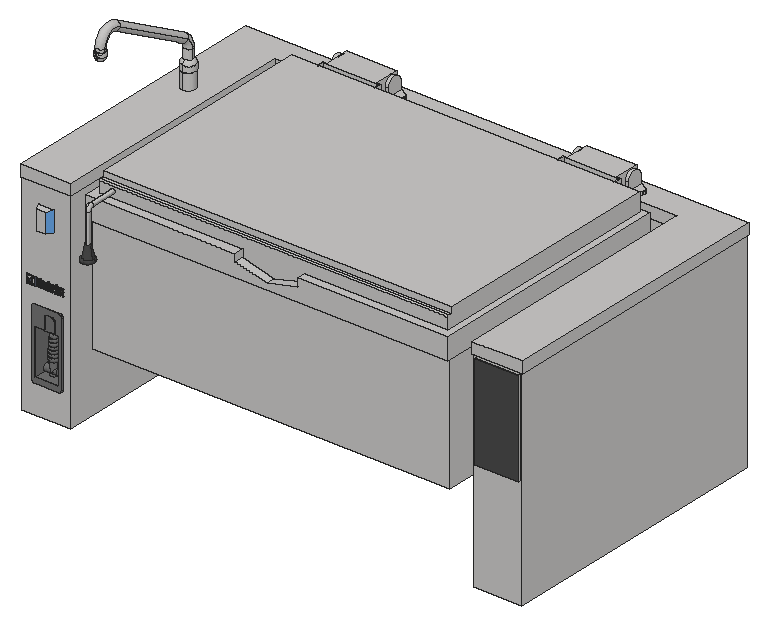
Revit family "QF_ELECTROLUXPROFESSIONAL_586932_PFET17ERES", category Specialty Equipment, Revit 2018 (continued)
Automatic sketch dimensions
  Extrusion 25 sketch curve to Extrusion 25 sketch curve = 3.826 mm
  Extrusion 25 sketch curve to Extrusion 25 sketch curve = 1.018 mm  (x2)
  Extrusion 25 sketch curve to Extrusion 25 sketch curve = 4.718 mm
  Extrusion 25 sketch curve to Extrusion 25 sketch curve = 2.967 mm
  Extrusion 25 sketch curve to Extrusion 25 sketch curve = 1.662 mm
  Extrusion 25 sketch curve to Extrusion 25 sketch curve = 1.626 mm  (x3)
  Extrusion 25 sketch curve to Extrusion 25 sketch curve = 1.65 mm
  Extrusion 25 sketch curve to Extrusion 25 sketch curve = 1.192 mm
  Extrusion 25 sketch curve to Extrusion 25 sketch curve = 2.57 mm  (x2)
  Extrusion 25 sketch curve to Extrusion 25 sketch curve = 3.444 mm  (x2)
  Extrusion 25 sketch curve to Extrusion 25 sketch curve = 1.343 mm  (x2)
  Extrusion 25 sketch curve to Extrusion 25 sketch curve = 1.353 mm  (x2)
  Extrusion 25 sketch curve to Extrusion 25 sketch curve = 0.027 mm  (x2)
  Extrusion 25 sketch curve to Extrusion 25 sketch curve = 0.395 mm  (x2)
  Extrusion 25 sketch curve to Extrusion 25 sketch curve = 0.329 mm  (x2)
  Extrusion 25 sketch curve to Extrusion 25 sketch curve = 0.425 mm  (x2)
  Extrusion 25 sketch curve to Extrusion 25 sketch curve = 0.051 mm  (x2)
  Extrusion 25 sketch curve to Extrusion 25 sketch curve = 0.495 mm  (x2)
  Extrusion 25 sketch curve to Extrusion 25 sketch curve = 0.267 mm  (x2)
  Extrusion 25 sketch curve to Extrusion 25 sketch curve = 1.40 mm
  Extrusion 25 sketch curve to Extrusion 25 sketch curve = 5.233 mm
  Extrusion 25 sketch curve to Extrusion 25 sketch curve = 2.062 mm
  plane 3 "LEFT" to Extrusion 26 sketch curve = 43.40 mm
  Extrusion 26 sketch curve to Extrusion 26 sketch curve = 82.00 mm
  plane 7 to Extrusion 26 sketch curve = 105.944 mm
  Extrusion 26 sketch curve to Extrusion 26 sketch curve = 195.00 mm
  radius of Sweep 5 sketch curve = 6.119 mm
  radius of Extrusion 22 sketch curve = 6.35 mm  (x2)
  radius of Extrusion 23 sketch curve = 6.35 mm
  radius of curve 28 = 25.00 mm
  radius of Extrusion 25 sketch curve = 2.453 mm
  radius of Extrusion 25 sketch curve = 1.557 mm
  radius of Extrusion 25 sketch curve = 1.468 mm
  radius of Extrusion 25 sketch curve = 2.451 mm
Nested families
  nested 1: "QF_ELECTROLUXPROFESSIONAL_RubSprint" at (80, -330.346, 900), type "QF_ELECTROLUXPROFESSIONAL_RubSprint"
  nested 2: "QF_ELECTROLUXPROFESSIONAL_SprayGun" at (80.4, -837, 291.944), type "QF_ELECTROLUXPROFESSIONAL_SprayGun"
Connectors
  electrical at (1521.204, 5, 395), driven by "Volts"
    settings: on Extrusion 23, index 1, voltage 400 V, apparent load 20600 VA, apparent load phase1 0 VA, apparent load phase2 0 VA, apparent load phase3 0 VA, power factor 1, load classification "Other", number of poles 1, system type 30, power factor state 1, is connector primary yes, connector utility no, sub classification motor no, connector description "Electrical Connection"
  piping at (106.204, 5, 395), diameter 12.7
    settings: on Extrusion 22, index 2, connector inside diameter 1/2", connector length 0.00 mm, flow factor 0, pipe flow 0 GPM, pressure drop 0.00 psi, fitting loss kfactor 0, connector angle 0.00°, fixture units 0, engagement length 0.00 mm, angle of deflection 0.00°, flow configuration 1, flow direction 1, fitting loss method 0, system type 20, joint type 0, gender type 0, connector reference index -1, connector utility 0, adjustable connector no, is connector primary yes, connector description "Cold Water Inlet"
  piping at (46.204, 5, 395), diameter 12.7
    settings: on Extrusion 22, index 3, connector inside diameter 1/2", connector length 0.00 mm, flow factor 0, pipe flow 0 GPM, pressure drop 0.00 psi, fitting loss kfactor 0, connector angle 0.00°, fixture units 0, engagement length 0.00 mm, angle of deflection 0.00°, flow configuration 1, flow direction 1, fitting loss method 0, system type 19, joint type 0, gender type 0, connector reference index -1, connector utility 0, adjustable connector no, is connector primary no, connector description "Hot Water Inlet"
Definition of nested family "QF_ELECTROLUXPROFESSIONAL_RubSprint"
  Reference planes
    plane 1 "Center (Front/Back)": y = 0
    plane 2: z = 0
    plane 3 "Center (Left/Right)": x = 0
  Forms (mm)
    Revolve 1, solid
      sketch origin (0, 0, 0) x (0, 1, 0) y (0, 0, 1)
        loop
          line (-21, 0) -> (0, 0) -> (0, 82.75) -> (-14.385, 82.75)
          arc (-14.385, 82.75) -> (-19.409, 76.68) -> (-22.385, 69.383) r 26
          line (-22.385, 69.383) -> (-22.385, 51.306) -> (-21, 50.388) -> (-21, 0)
        axis (0, 82.75) -> (0, 0)
      angle from 0 to 360
    Sweep 2, solid
      path origin (0, 0, 0) x (0, 1, 0) y (0, 0, 1)
        loop
          line (0, 82.75) -> (0, 113.75)
          arc (0, 113.75) -> (-5.44, 133.889) -> (-20.279, 148.551) r 40
          line (-20.279, 148.551) -> (-290.279, 301.55)
          arc (-290.279, 301.55) -> (-330.139, 301.31) -> (-349.999, 266.749) r 40
          line (-349.999, 266.749) -> (-349.999, 257.884)
      profile origin (0, 0, 98.25) x (0, -1, 0) y (1, 0, 0)
        loop
          circle (0, 0) r 13.5
    Revolve 3, solid
      sketch origin (0, 0, 0) x (0, 1, 0) y (0, 0, 1)
        loop
          line (-333.717, 244.264) -> (-333.717, 254.236)
          arc (-333.717, 254.236) -> (-334.434, 255.758) -> (-335.779, 256.77) r 3.5
          line (-335.779, 256.77) -> (-336.499, 257.884) -> (-349.999, 257.884) -> (-349.999, 233.05) -> (-339.2, 233.05)
          arc (-339.2, 233.05) -> (-338.052, 233.411) -> (-337.32, 234.365) r 2
          line (-337.32, 234.365) -> (-333.717, 244.264)
        axis (-349.999, 257.884) -> (-349.999, 233.05)
      angle from 0 to 360
  Lines and regions (mm)
    symbolic lines
      curve 1: arc (-13.5, -17.856, 0) -> (0, 22.385, 0) -> (13.5, -17.856, 0) r 22.385
      curve 2: arc (-13.5, 0, 0) -> (0, 13.5, 0) -> (13.5, 0, 0) r 13.5
      curve 3: arc (-13.5, -349.999, 0) -> (0, -363.499, 0) -> (13.5, -349.999, 0) r 13.5
      curve 4: arc (-13.5, -340.897, 0) -> (0, -366.281, 0) -> (13.5, -340.897, 0) r 16.282
      curve 5: line (13.5, -349.999, 0) -> (13.5, 0, 0)
      curve 6: line (-13.5, -349.999, 0) -> (-13.5, 0, 0)
  Dimensions and locks
    aligned and locked: level to plane 2
Definition of nested family "QF_ELECTROLUXPROFESSIONAL_SprayGun"
  Reference planes
    plane 1 "Center (Front/Back)": y = 0
    plane 2: z = 0
    plane 3 "SGy": x = 13
    plane 4 "AxeZ": y = -45
    plane 5 "Center (Left/Right)": x = 4
    plane 6 "Center (Top/Right)": z = 112.5
  Forms (mm)
    Revolve 1, solid
      sketch origin (0, -45, 0) x (0, 0, 1) y (-1, 0, 0)
        loop
          line (73.98, -1.423) -> (33.98, -1.423) -> (33.98, -13) -> (151.7, -13) -> (151.7, -4.362)
          arc (151.7, -4.362) -> (147.093, -1.396) -> (141.64, -1.926) r 8.345
          arc (141.64, -1.926) -> (140.226, -2.024) -> (139.103, -1.16) r 2
          arc (139.103, -1.16) -> (138.832, -0.814) -> (138.493, -0.536) r 2
          arc (138.493, -0.536) -> (134.77, 0.557) -> (131.061, -0.581) r 6.745
          arc (131.061, -0.581) -> (129.812, -0.914) -> (128.62, -0.414) r 2
          arc (128.62, -0.414) -> (124.347, 1.338) -> (119.917, 0.035) r 6.972
          arc (119.917, 0.035) -> (118.79, -0.341) -> (117.648, -0.011) r 2
          arc (117.648, -0.011) -> (113.81, 1.188) -> (109.921, 0.166) r 7.275
          arc (109.921, 0.166) -> (108.725, -0.109) -> (107.594, 0.367) r 2
          arc (107.594, 0.367) -> (103.55, 1.928) -> (99.427, 0.587) r 6.475
          arc (99.427, 0.587) -> (98.262, 0.173) -> (97.076, 0.524) r 2
          arc (97.076, 0.524) -> (92.711, 1.941) -> (88.277, 0.758) r 8.094
          arc (88.277, 0.758) -> (87.212, 0.464) -> (86.153, 0.781) r 2
          arc (86.153, 0.781) -> (79.633, 2.075) -> (73.98, -1.423) r 9.075
        axis (151.7, -13) -> (33.98, -13)
      angle from 0 to 360
    Revolve 2, solid
      sketch origin (0, -45, 0) x (0, 0, 1) y (-1, 0, 0)
        loop
          line (47.58, 11.558) -> (40.98, 11.558) -> (40.98, 9.577) -> (35.98, 9.577) -> (35.98, -30.423) -> (40.98, -30.423) -> (40.98, -35.423) -> (47.58, -35.423) -> (47.58, 11.558)
        axis (47.58, 11.558) -> (47.58, -35.423)
      angle from 0 to 360
    Extrusion 3, solid
      sketch origin (0, -45, 0) x (1, 0, 0) y (0, 1, 0)
        loop
          line (21.638, 0) -> (17.319, 7.481) -> (8.681, 7.481) -> (4.362, 0) -> (8.681, -7.481) -> (17.319, -7.481) -> (21.638, 0)
      from 151.7 to 160.974
    Extrusion 4, solid
      sketch origin (0, 0, 0) x (1, 0, 0) y (0, 0, 1)
        loop
          arc (-45, 10) -> (-42.071, 2.929) -> (-35, 0) r 10
          line (-35, 0) -> (43, 0)
          arc (43, 0) -> (50.071, 2.929) -> (53, 10) r 10
          line (53, 10) -> (53, 215)
          arc (53, 215) -> (50.071, 222.071) -> (43, 225) r 10
          line (43, 225) -> (-35, 225)
          arc (-35, 225) -> (-42.071, 222.071) -> (-45, 215) r 10
          line (-45, 215) -> (-45, 10)
        loop
          line (-35, 162) -> (-35, 16) -> (43, 16) -> (43, 162) -> (29, 162) -> (29, 199)
          arc (29, 199) -> (26.657, 204.657) -> (21, 207) r 8
          line (21, 207) -> (5, 207)
          arc (5, 207) -> (-0.657, 204.657) -> (-3, 199) r 8
          line (-3, 199) -> (-3, 162) -> (-35, 162)
      from 63 to 60
    Extrusion 5, solid
      sketch origin (0, 0, 0) x (1, 0, 0) y (0, 0, 1)
        loop
          line (-35, 16) -> (43, 16) -> (43, 162) -> (29, 162) -> (29, 199)
          arc (29, 199) -> (26.657, 204.657) -> (21, 207) r 8
          line (21, 207) -> (5, 207)
          arc (5, 207) -> (-0.657, 204.657) -> (-3, 199) r 8
          line (-3, 199) -> (-3, 162) -> (-35, 162) -> (-35, 16)
        loop
          line (31, 164) -> (31, 199)
          arc (31, 199) -> (28.071, 206.071) -> (21, 209) r 10
          line (21, 209) -> (5, 209)
          arc (5, 209) -> (-2.071, 206.071) -> (-5, 199) r 10
          line (-5, 199) -> (-5, 164) -> (-37, 164) -> (-37, 14) -> (45, 14) -> (45, 164) -> (31, 164)
      from 0 to 60
    Extrusion 6, solid
      sketch origin (0, 0, 0) x (1, 0, 0) y (0, 0, 1)
        loop
          line (-37, 164) -> (-37, 14) -> (45, 14) -> (45, 164) -> (-37, 164)
      from 6 to 0
    Extrusion 7, solid
      sketch origin (0, 0, 0) x (1, 0, 0) y (0, 0, 1)
        loop
          line (28, 160.974) -> (28, 198)
          arc (28, 198) -> (25.657, 203.657) -> (20, 206) r 8
          line (20, 206) -> (6, 206)
          arc (6, 206) -> (0.343, 203.657) -> (-2, 198) r 8
          line (-2, 198) -> (-2, 160.974) -> (28, 160.974)
      from 0 to 63
  Dimensions and locks
    equal spacing: Extrusion 4, plane 5 "Center (Left/Right)", Extrusion 4
    Extrusion 4 to Extrusion 4 = 225.00 mm
    Extrusion 4 to Extrusion 4 = 98.00 mm
    aligned and locked: level to plane 2
  Automatic sketch dimensions
    plane 3 "SGy" to Revolve 1 sketch curve = 0.00 mm  (x2)
    plane 5 "Center (Left/Right)" to Revolve 1 sketch curve = 2.577 mm
    level to Revolve 1 sketch curve = 33.98 mm
    Revolve 1 sketch curve to Revolve 1 sketch curve = 40.00 mm
    Revolve 1 sketch curve to plane 5 "Center (Left/Right)" = 2.854 mm
    Revolve 1 sketch curve to Revolve 1 sketch curve = 7.27 mm
    Revolve 1 sketch curve to Revolve 1 sketch curve = 5.984 mm
    Revolve 1 sketch curve to plane 5 "Center (Left/Right)" = 2.15 mm
    Revolve 1 sketch curve to Revolve 1 sketch curve = 5.262 mm
    Revolve 1 sketch curve to Revolve 1 sketch curve = 5.712 mm
    Revolve 1 sketch curve to plane 5 "Center (Left/Right)" = 0.545 mm
    Revolve 1 sketch curve to Revolve 1 sketch curve = 5.167 mm
    Revolve 1 sketch curve to Revolve 1 sketch curve = 5.522 mm
    Revolve 1 sketch curve to plane 5 "Center (Left/Right)" = 2.085 mm
    Revolve 1 sketch curve to Revolve 1 sketch curve = 4.746 mm
    Revolve 1 sketch curve to Revolve 1 sketch curve = 5.106 mm
    Revolve 1 sketch curve to plane 5 "Center (Left/Right)" = 1.624 mm
    Revolve 1 sketch curve to Revolve 1 sketch curve = 5.239 mm
    Revolve 1 sketch curve to Revolve 1 sketch curve = 5.96 mm
    Revolve 1 sketch curve to plane 5 "Center (Left/Right)" = 2.187 mm
    Revolve 1 sketch curve to Revolve 1 sketch curve = 4.862 mm
    plane 5 "Center (Left/Right)" to Revolve 1 sketch curve = 1.788 mm
    Revolve 1 sketch curve to Revolve 1 sketch curve = 2.59 mm
    Revolve 1 sketch curve to Revolve 1 sketch curve = 3.403 mm
    plane 3 "SGy" to Revolve 1 sketch curve = 3.493 mm
    Revolve 1 sketch curve to Revolve 1 sketch curve = 4.325 mm
    Revolve 1 sketch curve to Revolve 1 sketch curve = 6.57 mm
    Revolve 1 sketch curve to plane 5 "Center (Left/Right)" = 0.362 mm
    plane 5 "Center (Left/Right)" to Revolve 1 sketch curve = 3.891 mm
    plane 5 "Center (Left/Right)" to Revolve 1 sketch curve = 5.081 mm
    plane 5 "Center (Left/Right)" to Revolve 1 sketch curve = 5.658 mm
    plane 5 "Center (Left/Right)" to Revolve 1 sketch curve = 5.884 mm
    plane 5 "Center (Left/Right)" to Revolve 1 sketch curve = 6.173 mm
    plane 5 "Center (Left/Right)" to Revolve 1 sketch curve = 6.464 mm
    Revolve 1 sketch curve to Revolve 1 sketch curve = 7.72 mm
    Revolve 1 sketch curve to Revolve 1 sketch curve = 0.00 mm  (x12)
    Revolve 1 sketch curve to Revolve 1 sketch curve = 1.57 mm
    Revolve 2 sketch curve to plane 3 "SGy" = 17.423 mm
    level to Revolve 2 sketch curve = 35.98 mm
    Revolve 2 sketch curve to Revolve 2 sketch curve = 5.00 mm  (x3)
    Revolve 2 sketch curve to Revolve 2 sketch curve = 6.60 mm
    plane 5 "Center (Left/Right)" to Revolve 2 sketch curve = 13.577 mm
    Revolve 2 sketch curve to Revolve 2 sketch curve = 1.981 mm
    Revolve 2 sketch curve to Revolve 2 sketch curve = 0.00 mm  (x2)
    Revolve 2 sketch curve to Revolve 2 sketch curve = 4.326 mm
    plane 4 "AxeZ" to Extrusion 3 sketch curve = 0.00 mm  (x2)
    Extrusion 3 sketch curve to plane 5 "Center (Left/Right)" = 0.362 mm
    plane 3 "SGy" to Extrusion 3 sketch curve = 4.319 mm  (x2)
    Extrusion 3 sketch curve to plane 3 "SGy" = 4.319 mm  (x2)
    Extrusion 3 sketch curve to Extrusion 3 sketch curve = 4.319 mm
    plane 4 "AxeZ" to Extrusion 3 sketch curve = 7.481 mm
    Extrusion 3 sketch curve to plane 4 "AxeZ" = 7.481 mm
    Extrusion 4 sketch curve to level = 0.00 mm
    level to Extrusion 4 sketch curve = 10.00 mm
    plane 5 "Center (Left/Right)" to Extrusion 4 sketch curve = 49.00 mm
    Extrusion 4 sketch curve to Extrusion 4 sketch curve = 10.00 mm  (x2)
    Extrusion 4 sketch curve to Extrusion 4 sketch curve = 0.00 mm  (x3)
    plane 5 "Center (Left/Right)" to Extrusion 4 sketch curve = 7.00 mm
    Extrusion 4 sketch curve to plane 5 "Center (Left/Right)" = 1.00 mm
    Extrusion 4 sketch curve to plane 3 "SGy" = 8.00 mm
    Extrusion 4 sketch curve to plane 3 "SGy" = 16.00 mm
    Extrusion 4 sketch curve to Extrusion 4 sketch curve = 14.00 mm  (x2)
    Extrusion 4 sketch curve to Extrusion 4 sketch curve = 6.00 mm
    Extrusion 4 sketch curve to Extrusion 4 sketch curve = 146.00 mm
    Extrusion 4 sketch curve to Extrusion 4 sketch curve = 37.00 mm
    Extrusion 4 sketch curve to Extrusion 4 sketch curve = 16.00 mm
    Extrusion 5 sketch curve to Extrusion 5 sketch curve = 0.00 mm  (x5)
    level to Extrusion 5 sketch curve = 14.00 mm
    plane 5 "Center (Left/Right)" to Extrusion 5 sketch curve = 41.00 mm
    Extrusion 5 sketch curve to Extrusion 5 sketch curve = 2.00 mm  (x6)
    plane 5 "Center (Left/Right)" to Extrusion 5 sketch curve = 9.00 mm
    Extrusion 5 sketch curve to plane 5 "Center (Left/Right)" = 1.00 mm
    Extrusion 5 sketch curve to plane 3 "SGy" = 8.00 mm
    Extrusion 5 sketch curve to Extrusion 5 sketch curve = 8.00 mm
    Extrusion 5 sketch curve to plane 3 "SGy" = 30.00 mm
    Extrusion 5 sketch curve to Extrusion 5 sketch curve = 146.00 mm
    Extrusion 5 sketch curve to Extrusion 5 sketch curve = 35.00 mm
    level to Extrusion 6 sketch curve = 14.00 mm
    plane 5 "Center (Left/Right)" to Extrusion 6 sketch curve = 41.00 mm
    Extrusion 6 sketch curve to plane 3 "SGy" = 32.00 mm
    Extrusion 6 sketch curve to Extrusion 6 sketch curve = 150.00 mm
    plane 5 "Center (Left/Right)" to Extrusion 7 sketch curve = 6.00 mm
    Extrusion 7 sketch curve to plane 5 "Center (Left/Right)" = 2.00 mm
    Extrusion 7 sketch curve to plane 3 "SGy" = 7.00 mm
    Extrusion 7 sketch curve to plane 3 "SGy" = 15.00 mm
    level to Extrusion 7 sketch curve = 160.974 mm
    Extrusion 7 sketch curve to Extrusion 7 sketch curve = 37.026 mm
